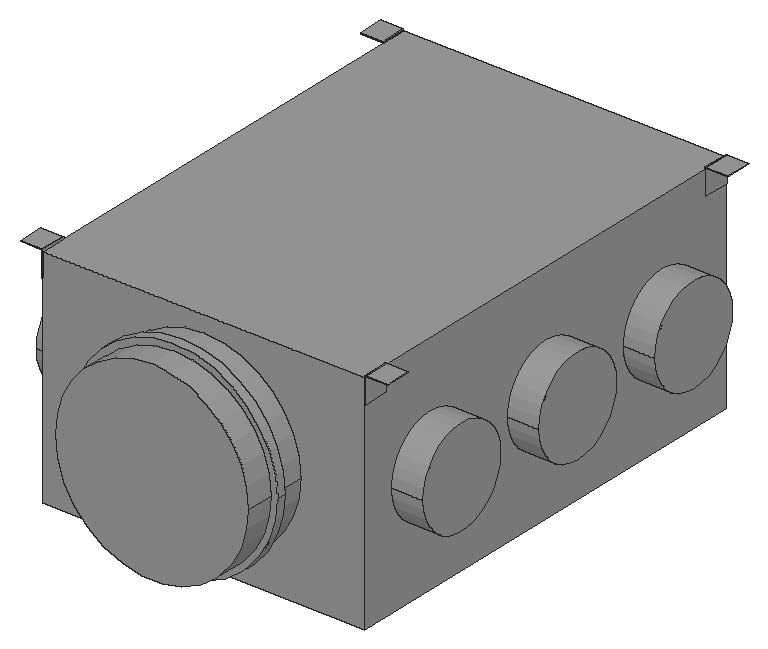
Revit family "FASU(F6-150 300Φ)", category ダクト付属品, Revit 2022
Family settings
  丸型コネクタ寸法 = 直径を使用
  パーツ タイプ = ダンパー
  OmniClass 番号 = 23.75.00.00
  OmniClass タイトル = Climate Control (HVAC)
  作業面ベース = いいえ
  常に垂直 = はい
  ロード時にボイドで切り取り = いいえ
  共有 = いいえ
Parameters
  高さ = 350 mm
  風量 = 0.0 L/s
  符号 = "FASU"
  形式 = "F6-150 300φ"
  幅 [instance] = 500 mm
  奥行き = 700 mm
  大きさ = 250 mm
  呼称 = "FASUチャンバー"
  付属品_下端レベル [instance] = 0 mm
  マテリアル [instance] = 既定値
  ダクト_イン = 300 mm
  ダクト_アウト = 150 mm
  既定の高さ = 0 mm
Reference planes
  plane 1 "中心(正面/背面)": y = 0
  plane 2: z = 0
  plane 3 "中心(左/右)": x = 0
  plane 4: x = -250
  plane 5: x = 250
  plane 6: y = -700
  plane 7: z = 350
  plane 8: z = 175
  plane 9: z = 266.963
  plane 10: z = 86.159
  plane 11: x = -251
  plane 12: z = 313.122
  plane 13: z = 352.122
  plane 14: y = -350
Forms (mm)
  Extrusion 1, solid, material "既定値" <- "マテリアル"
    sketch origin (0, 0, 0) x (1, 0, 0) y (0, 1, 0)
      loop
        line (-250, 0) -> (-250, -700) -> (250, -700) -> (250, 0) -> (-250, 0)
    from 0 to 350
  Extrusion 2, solid, material "既定値" <- "マテリアル"
    sketch origin (0, -30, 0) x (1, 0, 0) y (0, 1, 0)
      loop
        line (-250, 30) -> (-251, 30) -> (-251, -10) -> (-250, -10) -> (-250, 30)
    from 313.122 to 350
  Extrusion 3, solid, material "既定値" <- "マテリアル"
    sketch origin (0, -30, 0) x (1, 0, 0) y (0, 1, 0)
      loop
        line (-285, 30) -> (-285, -10) -> (-251, -10) -> (-251, 30) -> (-285, 30)
    from 352.122 to 350
  Extrusion 4, solid, material "既定値" <- "マテリアル"
    sketch origin (0, -30, 0) x (-1, 0, 0) y (0, -1, 0)
      loop
        line (-250, -30) -> (-250, 10) -> (-251, 10) -> (-251, -30) -> (-250, -30)
    from 313.122 to 353.122
  Extrusion 5, solid, material "既定値" <- "マテリアル"
    sketch origin (0, -30, 0) x (-1, 0, 0) y (0, -1, 0)
      loop
        line (-285, -30) -> (-251, -30) -> (-251, 10) -> (-285, 10) -> (-285, -30)
    from 352.122 to 353.122
  Extrusion 6, solid, material "既定値" <- "マテリアル"
    sketch origin (0, -490, 0) x (1, 0, 0) y (0, 1, 0)
      loop
        line (-285, -170) -> (-285, -210) -> (-251, -210) -> (-251, -170) -> (-285, -170)
    from 352.122 to 353.122
  Extrusion 7, solid, material "既定値" <- "マテリアル"
    sketch origin (0, -490, 0) x (1, 0, 0) y (0, 1, 0)
      loop
        line (-250, -170) -> (-251, -170) -> (-251, -210) -> (-250, -210) -> (-250, -170)
    from 313.122 to 353.122
  Extrusion 8, solid, material "既定値" <- "マテリアル"
    sketch origin (0, -490, 0) x (-1, 0, 0) y (0, -1, 0)
      loop
        line (-285, 170) -> (-251, 170) -> (-251, 210) -> (-285, 210) -> (-285, 170)
    from 352.122 to 353.122
  Extrusion 9, solid, material "既定値" <- "マテリアル"
    sketch origin (0, -490, 0) x (-1, 0, 0) y (0, -1, 0)
      loop
        line (-250, 170) -> (-250, 210) -> (-251, 210) -> (-251, 170) -> (-250, 170)
    from 313.122 to 353.122
  Extrusion 10, solid, material "既定値" <- "マテリアル"
    sketch origin (550, -582.5, 0) x (0, -1, 0) y (0, 0, -1)
      loop
        circle (-232.5, -175) r 74.985
    from -300 to -250
  Extrusion 11, solid, material "既定値" <- "マテリアル"
    sketch origin (-550, -582.5, 0) x (0, -1, 0) y (0, 0, 1)
      loop
        circle (-232.5, 175) r 74.985
    from -300 to -250
  Extrusion 12, solid, material "既定値" <- "マテリアル"
    sketch origin (0, -700, 0) x (1, 0, 0) y (0, 0, 1)
      loop
        circle (0, 175) r 150
    from 0 to 42.5
  Extrusion 13, solid, material "既定値" <- "マテリアル"
    sketch origin (0, -743, 0) x (1, 0, 0) y (0, 0, 1)
      loop
        circle (0, 175) r 160
    from -0.5 to 14.5
  Extrusion 14, solid, material "既定値" <- "マテリアル"
    sketch origin (0, -757.5, 0) x (1, 0, 0) y (0, 0, 1)
      loop
        circle (0, 175) r 150
    from 0 to 42.5
  Extrusion 15, solid, material "既定値" <- "マテリアル"
    sketch origin (550, -357.5, 0) x (0, -1, 0) y (0, 0, -1)
      loop
        circle (-232.5, -175) r 74.985
    from -300 to -250
  Extrusion 16, solid, material "既定値" <- "マテリアル"
    sketch origin (-550, -357.5, 0) x (0, -1, 0) y (0, 0, 1)
      loop
        circle (-232.5, 175) r 74.985
    from -300 to -250
  Extrusion 17, solid, material "既定値" <- "マテリアル"
    sketch origin (550, -142.5, 0) x (0, 1, 0) y (0, 0, 1)
      loop
        circle (-432.5, 175) r 74.985
    from -300 to -250
  Extrusion 18, solid, material "既定値" <- "マテリアル"
    sketch origin (0, -142.5, 0) x (0, 1, 0) y (0, 0, 1)
      loop
        circle (-432.5, 175) r 74.985
    from -300 to -250
Lines and regions (mm)
  model lines
    curve 1: line (-250, -30, 0) -> (250, -30, 0)
    curve 2: line (-250, -670, 0) -> (250, -670, 0)
Text (mm)
  text "FASU(F6-150 300Φ)" at (3.713, -630.412, 0), in view "参照レベル"
Dimensions and locks
  equal spacing: plane 4, plane 3 "中心(左/右)", plane 5
  "幅": plane 4 to plane 5
  "奥行き": plane 6 to plane 1 "中心(正面/背面)"
  "高さ": plane 7 to level
  equal spacing: plane 7, plane 8, level
  equal spacing: plane 6, plane 14, plane 1 "中心(正面/背面)"
  aligned and locked: level to plane 2
  aligned and locked: Extrusion 1 sketch curve to plane 5
  aligned and locked: plane 7 to Extrusion 1
  aligned and locked: Extrusion 2 sketch curve to Extrusion 1
  aligned and locked: plane 7 to Extrusion 2
  aligned and locked: Extrusion 3 sketch curve to Extrusion 2
  aligned and locked: Extrusion 2 to Extrusion 3 sketch curve
  aligned and locked: plane 7 to Extrusion 3
  aligned and locked: Extrusion 3 to plane 13
  aligned and locked: Extrusion 4 to Extrusion 5 sketch curve
  aligned and locked: Extrusion 5 sketch curve to Extrusion 4
  aligned and locked: Extrusion 1 to Extrusion 8
  aligned and locked: Extrusion 6 to Extrusion 1
  aligned and locked: Extrusion 7 to Extrusion 1
  aligned and locked: Extrusion 1 to Extrusion 9
  aligned and locked: Extrusion 9 to Extrusion 8
  aligned and locked: Extrusion 7 to Extrusion 6
  aligned and locked: plane 4 to Extrusion 7
  aligned and locked: Extrusion 9 to plane 5
  aligned and locked: plane 4 to curve 1
  aligned and locked: plane 5 to curve 1
  aligned and locked: plane 5 to curve 2
  aligned and locked: Extrusion 1 to Extrusion 3
  aligned and locked: Extrusion 5 to Extrusion 1
  aligned and locked: Extrusion 4 to plane 5
  aligned and locked: Extrusion 1 to plane 6
  aligned and locked: Extrusion 1 to plane 1 "中心(正面/背面)"
  aligned and locked: plane 6 to Extrusion 12
  aligned and locked: Extrusion 15 to plane 5
  aligned and locked: plane 4 to Extrusion 16
  aligned and locked: Extrusion 17 to plane 5
  aligned and locked: plane 4 to Extrusion 18
Automatic sketch dimensions
  curve 2 to plane 4 = 0 mm
  plane 6 to curve 2 = 30 mm
  plane 1 "中心(正面/背面)" to curve 1 = 30 mm
  Extrusion 1 sketch curve to plane 4 = 0 mm
  Extrusion 1 sketch curve to plane 6 = 0 mm
  plane 1 "中心(正面/背面)" to Extrusion 1 sketch curve = 0 mm
  plane 1 "中心(正面/背面)" to Extrusion 2 sketch curve = 0 mm
  Extrusion 2 sketch curve to plane 11 = 0 mm
  Extrusion 2 sketch curve to Extrusion 2 sketch curve = 40 mm
  plane 1 "中心(正面/背面)" to Extrusion 3 sketch curve = 0 mm
  Extrusion 3 sketch curve to Extrusion 3 sketch curve = 34 mm
  plane 1 "中心(正面/背面)" to Extrusion 4 sketch curve = 0 mm
  Extrusion 4 sketch curve to plane 5 = 0 mm
  Extrusion 4 sketch curve to Extrusion 4 sketch curve = 1 mm
  Extrusion 4 sketch curve to Extrusion 4 sketch curve = 40 mm
  plane 1 "中心(正面/背面)" to Extrusion 5 sketch curve = 0 mm
  Extrusion 5 sketch curve to Extrusion 5 sketch curve = 34 mm
  Extrusion 6 sketch curve to plane 6 = 0 mm
  Extrusion 6 sketch curve to plane 11 = 0 mm
  Extrusion 6 sketch curve to plane 11 = 34 mm
  plane 6 to Extrusion 6 sketch curve = 40 mm
  Extrusion 7 sketch curve to plane 11 = 0 mm
  Extrusion 7 sketch curve to plane 4 = 0 mm
  Extrusion 7 sketch curve to plane 6 = 0 mm
  plane 6 to Extrusion 7 sketch curve = 40 mm
  Extrusion 8 sketch curve to plane 6 = 0 mm
  Extrusion 8 sketch curve to plane 5 = 35 mm
  Extrusion 8 sketch curve to plane 5 = 1 mm
  Extrusion 8 sketch curve to Extrusion 8 sketch curve = 40 mm
  Extrusion 9 sketch curve to plane 6 = 0 mm
  Extrusion 9 sketch curve to plane 5 = 0 mm
  Extrusion 9 sketch curve to Extrusion 9 sketch curve = 1 mm
  Extrusion 9 sketch curve to Extrusion 9 sketch curve = 40 mm
  Extrusion 10 sketch curve to plane 8 = 0 mm
  Extrusion 10 sketch curve to plane 14 = 0 mm
  Extrusion 11 sketch curve to plane 8 = 0 mm
  Extrusion 11 sketch curve to plane 14 = 0 mm
  Extrusion 12 sketch curve to plane 3 "中心(左/右)" = 0 mm
  Extrusion 12 sketch curve to plane 8 = 0 mm
  Extrusion 13 sketch curve to plane 3 "中心(左/右)" = 0 mm
  Extrusion 13 sketch curve to plane 8 = 0 mm
  Extrusion 14 sketch curve to plane 3 "中心(左/右)" = 0 mm
  Extrusion 14 sketch curve to plane 8 = 0 mm
  Extrusion 15 sketch curve to plane 8 = 0 mm
  plane 1 "中心(正面/背面)" to Extrusion 15 sketch curve = 125 mm
  Extrusion 16 sketch curve to plane 8 = 0 mm
  plane 1 "中心(正面/背面)" to Extrusion 16 sketch curve = 125 mm
  Extrusion 17 sketch curve to plane 8 = 0 mm
  plane 6 to Extrusion 17 sketch curve = 125 mm
  Extrusion 18 sketch curve to plane 8 = 0 mm
  plane 6 to Extrusion 18 sketch curve = 125 mm
  radius of Extrusion 10 sketch curve = 74.985 mm
  radius of Extrusion 11 sketch curve = 74.985 mm
  radius of Extrusion 12 sketch curve = 150 mm
  radius of Extrusion 13 sketch curve = 160 mm
  radius of Extrusion 14 sketch curve = 150 mm
  radius of Extrusion 15 sketch curve = 74.985 mm
  radius of Extrusion 16 sketch curve = 74.985 mm
  radius of Extrusion 17 sketch curve = 74.985 mm
  radius of Extrusion 18 sketch curve = 74.985 mm
Connectors
  hvac at (-300, -575, 175), driven by "ダクト_アウト"
    settings: on Extrusion 18, index 1, duct flow 0.0 L/s, flow factor 0, pres drop 0.0 Pa, loss coef 0, conn angle 0.00°, conn width 304.8 mm, conn height 304.8 mm, conn diameter 150 mm, duct sys type 29, conn prof type 0, flow config 0, flow direction 2, loss method 0, conn ref index -1, conn util no, is conn primary yes, conn desc ""
  hvac at (-300, -350, 175), driven by "ダクト_アウト"
    settings: on Extrusion 11, index 2, duct flow 0.0 L/s, flow factor 0, pres drop 0.0 Pa, loss coef 0, conn angle 0.00°, conn width 304.8 mm, conn height 304.8 mm, conn diameter 150 mm, duct sys type 29, conn prof type 0, flow config 0, flow direction 2, loss method 0, conn ref index -1, conn util no, is conn primary no, conn desc ""
  hvac at (-300, -125, 175), driven by "ダクト_アウト"
    settings: on Extrusion 16, index 3, duct flow 0.0 L/s, flow factor 0, pres drop 0.0 Pa, loss coef 0, conn angle 0.00°, conn width 304.8 mm, conn height 304.8 mm, conn diameter 150 mm, duct sys type 29, conn prof type 0, flow config 0, flow direction 2, loss method 0, conn ref index -1, conn util no, is conn primary no, conn desc ""
  hvac at (300, -575, 175), driven by "ダクト_アウト"
    settings: on Extrusion 17, index 4, duct flow 0.0 L/s, flow factor 0, pres drop 0.0 Pa, loss coef 0, conn angle 0.00°, conn width 304.8 mm, conn height 304.8 mm, conn diameter 150 mm, duct sys type 29, conn prof type 0, flow config 0, flow direction 2, loss method 0, conn ref index -1, conn util no, is conn primary no, conn desc ""
  hvac at (300, -350, 175), driven by "ダクト_アウト"
    settings: on Extrusion 10, index 5, duct flow 0.0 L/s, flow factor 0, pres drop 0.0 Pa, loss coef 0, conn angle 0.00°, conn width 304.8 mm, conn height 304.8 mm, conn diameter 150 mm, duct sys type 29, conn prof type 0, flow config 0, flow direction 2, loss method 0, conn ref index -1, conn util no, is conn primary no, conn desc ""
  hvac at (300, -125, 175), driven by "ダクト_アウト"
    settings: on Extrusion 15, index 6, duct flow 0.0 L/s, flow factor 0, pres drop 0.0 Pa, loss coef 0, conn angle 0.00°, conn width 304.8 mm, conn height 304.8 mm, conn diameter 150 mm, duct sys type 29, conn prof type 0, flow config 0, flow direction 2, loss method 0, conn ref index -1, conn util no, is conn primary no, conn desc ""
  hvac at (0, -800, 175), driven by "ダクト_イン"
    settings: on Extrusion 14, index 7, duct flow 0.0 L/s, flow factor 0, pres drop 0.0 Pa, loss coef 0, conn angle 0.00°, conn width 304.8 mm, conn height 304.8 mm, conn diameter 300 mm, duct sys type 29, conn prof type 0, flow config 0, flow direction 1, loss method 0, conn ref index -1, conn util no, is conn primary no, conn desc ""
